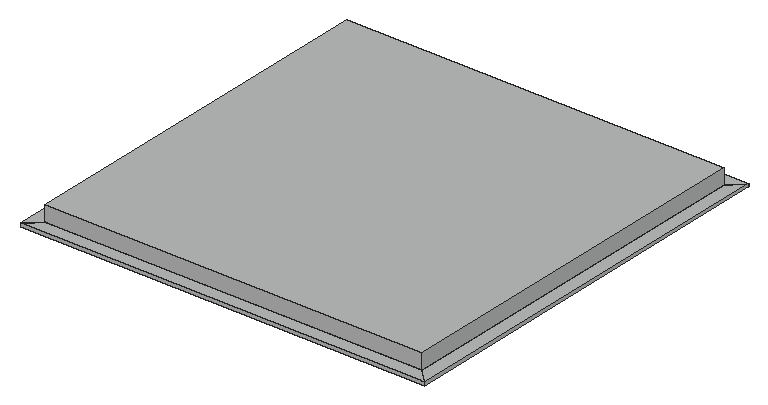
Revit family "AVRORA", category Осветительные приборы, Revit 2019 (continued)
Types (10, lengths in mm): name | built-in parameter 1150134 | Файл фотометрической сетки | built-in parameter 1150142 | built-in parameter 1150107 | Emit from Rectangle Width | Emit from Rectangle Length | Длина | Ширина | ADSK_Обозначение | ADSK_Наименование | ADSK_Код изделия
    00 1585.800 1574.700 1566.300 1562.200 1561.200 1556.500 1546.800 1529.300 1510.800 1493.800 1475.000 1454.200 1428.400 1399.400 1358.500 1312.600 1262.600 \r\n1204.900 1141.300 1075.900 1010.300 944.200 877.200 810.000 744.000 677.700 611.600 548.600 487.500 428.600 370.700 316.400 267.400 225.400 188.600 162.000 141.100 123.100 104.900 \r\n85.400 65.600 46.300 27.400 10.700 0.500 \r\n1594.100 1586.300 1574.900 1566.400 1563.100 1561.900 1557.700 1549.800 1534.600 1515.200 1496.800 1477.800 1456.200 1431.200 1403.400 1364.900 1320.300 1269.200 \r\n1210.300 1145.500 1077.400 1012.600 946.200 879.500 810.700 743.300 675.900 609.200 546.800 486.800 428.900 372.200 318.800 270.700 228.700 191.600 164.700 143.400 125.300 106.900 \r\n87.000 66.700 46.900 27.600 10.700 0.500 \r\n1595.200 1586.700 1575.200 1566.300 1563.400 1562.200 1558.800 1554.000 1539.500 1521.300 1502.000 1481.400 1459.600 1433.700 1407.600 1371.000 1328.500 1276.800 \r\n1216.900 1149.700 1079.400 1012.900 945.900 878.800 809.300 740.500 672.100 605.300 543.400 485.000 428.700 373.300 321.000 273.500 232.000 194.800 167.600 146.100 127.700 109.100 \r\n88.800 68.000 47.600 28.000 10.800 0.500 \r\n1594.800 1586.600 1576.000 1567.400 1564.200 1563.200 1560.700 1556.800 1545.600 1528.600 1509.000 1486.500 1463.600 1438.100 1411.100 1375.100 1333.900 1283.900 \r\n1223.500 1154.300 1082.000 1013.900 946.400 877.300 807.200 737.400 668.000 600.700 538.900 481.600 427.300 373.700 322.700 276.200 235.200 198.100 170.600 148.700 130.000 111.200 \r\n90.600 69.400 48.600 28.400 10.900 0.500 \r\n1594.300 1587.000 1576.700 1569.300 1564.700 1563.700 1561.800 1560.600 1551.200 1535.100 1514.800 1493.300 1467.600 1440.600 1413.900 1376.500 1336.100 1288.200 \r\n1228.500 1159.200 1085.900 1017.600 950.000 879.200 807.100 735.200 664.100 595.500 533.800 477.400 424.700 373.200 323.800 278.400 238.100 203.800 173.300 151.100 132.000 113.100 \r\n92.400 71.000 49.600 28.900 11.100 0.500 \r\n1593.000 1588.000 1577.400 1569.800 1565.700 1565.400 1562.300 1563.700 1557.100 1541.400 1521.700 1499.500 1471.000 1444.900 1415.600 1376.700 1336.200 1289.400 \r\n1232.000 1163.600 1091.700 1022.500 954.200 882.800 808.000 733.200 660.000 590.900 528.500 472.600 421.500 371.800 324.000 280.000 240.800 206.500 175.700 153.200 133.800 114.900 \r\n94.200 72.800 50.800 29.600 11.300 0.500 \r\n1594.200 1588.400 1578.600 1571.500 1566.800 1565.300 1563.400 1565.300 1560.100 1547.200 1528.300 1505.100 1474.800 1446.600 1417.500 1376.900 1335.600 1289.300 \r\n1234.200 1167.800 1096.700 1026.700 956.200 883.400 807.100 730.400 656.100 586.100 523.000 467.400 417.000 369.100 323.200 280.700 242.800 209.100 177.900 154.900 135.200 116.400 \r\n95.900 74.600 52.100 30.300 11.600 0.500 \r\n1593.500 1589.700 1579.400 1570.600 1567.900 1567.000 1564.800 1566.000 1561.300 1550.900 1533.200 1509.000 1478.200 1450.100 1419.400 1378.100 1336.100 1289.400 \r\n1235.800 1172.600 1101.100 1029.400 956.200 881.600 804.800 728.000 653.000 581.100 517.600 461.600 412.100 365.700 321.700 280.800 244.100 211.100 179.800 156.400 136.300 117.700 \r\n97.700 76.400 53.400 31.200 11.800 0.500 \r\n1593.800 1589.000 1581.000 1573.100 1569.300 1568.100 1565.600 1565.300 1561.300 1553.100 1537.200 1511.000 1481.000 1450.900 1419.300 1378.700 1338.300 1290.900 \r\n1238.600 1177.200 1105.200 1031.600 956.900 880.600 803.400 725.500 649.900 576.900 512.100 455.600 406.300 361.400 319.500 280.000 244.600 212.500 181.300 157.600 137.300 118.800 \r\n99.300 78.000 54.700 32.100 12.100 0.500 \r\n1593.600 1590.200 1582.300 1574.500 1571.500 1569.100 1565.500 1564.000 1560.100 1552.500 1537.000 1511.900 1482.000 1451.300 1417.500 1378.200 1340.100 1294.800 \r\n1242.100 1181.100 1109.100 1035.200 958.900 881.400 802.300 722.500 645.900 573.200 507.100 449.700 400.200 356.300 316.100 278.300 244.200 213.200 182.600 158.500 138.200 119.800 \r\n100.600 79.200 56.000 32.800 12.300 0.500 \r\n1593.700 1589.700 1583.400 1575.700 1572.900 1571.100 1565.700 1562.500 1557.800 1549.200 1534.900 1510.200 1481.100 1448.600 1414.600 1376.000 1341.200 1297.900 \r\n1245.400 1183.500 1112.100 1038.200 960.500 880.200 799.600 718.600 642.000 569.200 502.600 444.400 394.400 350.800 312.100 275.900 243.000 213.300 183.400 159.400 139.000 120.800 \r\n101.600 80.100 57.000 33.600 12.500 0.500 \r\n1593.500 1591.000 1585.200 1578.200 1574.600 1572.900 1566.600 1561.300 1554.200 1545.700 1531.600 1508.100 1478.900 1446.400 1410.500 1373.500 1341.200 1299.700 \r\n1247.200 1185.900 1115.100 1040.400 961.500 878.200 796.200 714.800 638.700 565.400 497.900 439.500 389.000 345.400 307.400 272.900 240.900 212.400 183.700 160.300 139.900 121.800 \r\n102.400 80.800 57.800 34.200 12.800 0.500 \r\n1593.800 1592.300 1586.700 1580.400 1577.200 1574.500 1566.400 1559.400 1550.900 1541.100 1526.500 1503.300 1474.900 1441.800 1407.400 1371.300 1340.900 1300.000 \r\n1248.100 1189.600 1118.400 1042.700 961.500 876.700 793.500 712.300 635.900 562.200 494.800 435.000 383.900 340.300 302.900 269.100 238.200 210.800 183.500 160.700 140.800 122.700 \r\n103.100 81.300 58.400 34.700 13.100 0.500 \r\n1594.800 1591.900 1588.300 1583.400 1579.500 1575.900 1566.800 1558.100 1548.200 1536.800 1520.300 1497.600 1471.200 1440.000 1406.500 1370.700 1341.000 1300.500 \r\n1250.000 1194.300 1123.900 1046.600 961.700 875.100 791.500 710.500 633.100 560.000 492.200 431.500 379.700 336.200 298.900 265.600 235.500 208.700 182.800 161.000 141.600 123.300 \r\n103.600 81.700 58.700 35.100 13.300 0.500 \r\n1594.100 1592.700 1590.000 1585.300 1582.000 1578.200 1568.100 1556.600 1545.100 1533.600 1516.200 1493.000 1468.200 1440.100 1407.300 1371.900 1341.600 1302.000 \r\n1253.900 1198.100 1128.400 1048.800 961.200 873.500 790.200 708.900 631.200 558.300 490.200 429.000 376.900 333.400 296.000 262.900 233.500 206.900 181.600 161.000 142.200 123.800 \r\n104.100 82.000 58.900 35.300 13.400 0.500 \r\n1594.500 1593.500 1591.200 1587.700 1585.100 1580.700 1569.100 1556.100 1543.400 1530.900 1511.700 1490.000 1466.600 1440.200 1410.100 1374.500 1343.400 1303.800 \r\n1257.000 1200.600 1129.800 1048.900 960.700 872.500 789.300 708.000 630.300 557.400 488.900 427.400 375.200 331.800 294.400 261.400 232.300 205.700 180.500 161.000 142.600 124.200 \r\n104.500 82.500 59.100 35.500 13.500 0.500 \r\n1594.700 1594.300 1593.400 1590.200 1588.600 1583.100 1570.800 1556.100 1542.900 1528.700 1508.000 1486.600 1466.300 1442.700 1413.700 1377.100 1344.400 1304.100 \r\n1258.100 1201.800 1130.300 1049.000 961.500 873.700 789.300 708.300 631.000 557.800 488.900 427.300 375.100 331.600 294.200 261.200 232.000 205.600 180.000 161.100 142.900 124.600 \r\n105.200 83.000 59.500 35.600 13.500 0.500 \r\n1594.900 1594.500 1594.800 1593.300 1591.200 1585.600 1573.000 1556.500 1542.500 1527.000 1505.300 1486.000 1466.300 1444.400 1416.200 1378.600 1344.700 1303.100 \r\n1257.500 1201.700 1130.300 1049.800 963.500 875.200 790.300 709.700 632.300 559.200 490.200 428.700 376.200 332.700 295.100 262.200 232.900 206.300 180.400 161.300 143.300 125.200 \r\n105.900 83.700 60.000 35.700 13.500 0.500 \r\n1594.000 1595.300 1596.200 1595.900 1594.100 1588.200 1575.800 1557.700 1542.100 1526.700 1504.600 1484.900 1466.400 1445.000 1418.300 1379.800 1344.700 1302.600 \r\n1256.500 1200.800 1130.500 1050.000 964.400 876.900 791.700 711.100 634.200 561.400 492.800 431.400 378.800 335.000 297.400 264.400 234.700 207.700 181.900 161.700 143.700 125.900 \r\n106.600 84.600 60.700 35.800 13.400 0.500 \r\n1594.900 1595.200 1598.200 1599.400 1597.400 1590.600 1577.400 1558.900 1542.800 1525.100 1502.900 1483.800 1466.000 1445.400 1418.400 1380.300 1345.000 1303.200 \r\n1255.900 1199.100 1128.300 1049.600 964.600 878.800 793.400 713.200 636.500 564.400 496.100 435.400 382.900 338.900 300.900 267.500 237.000 209.800 183.600 162.400 144.200 126.900 \r\n107.600 85.600 61.200 35.900 13.400 0.500 \r\n1594.100 1597.300 1599.600 1601.600 1599.900 1593.000 1579.200 1560.400 1543.400 1524.300 1501.700 1481.600 1464.800 1444.600 1417.600 1380.200 1345.100 1304.400 \r\n1255.500 1196.500 1125.600 1049.600 965.200 880.000 795.900 716.200 639.400 567.600 500.100 440.200 388.200 343.900 305.100 271.000 239.700 212.000 185.100 163.400 144.900 128.000 \r\n108.500 86.500 61.600 35.800 13.400 0.500 \r\n1593.600 1597.100 1602.100 1605.300 1602.300 1595.100 1580.500 1561.400 1542.700 1522.800 1500.000 1481.000 1462.900 1443.700 1416.300 1379.600 1345.300 1304.500 \r\n1254.000 1193.800 1123.400 1049.200 965.400 881.600 799.000 719.900 643.100 571.400 504.700 445.800 394.100 349.400 309.900 274.600 242.400 214.100 186.300 164.400 145.700 129.000 \r\n109.600 87.200 61.700 35.500 13.300 0.500 \r\n1593.600 1598.500 1603.800 1606.400 1605.300 1597.200 1581.200 1562.200 1541.800 1521.300 1498.700 1478.400 1462.000 1441.700 1414.700 1378.200 1343.800 1302.600 \r\n1251.200 1191.700 1121.100 1047.700 966.100 883.700 802.400 723.700 647.100 575.800 510.300 452.200 400.600 355.200 314.600 278.000 244.800 215.800 187.300 165.300 146.700 129.900 \r\n110.500 87.800 61.600 35.200 13.100 0.500 \r\n1594.200 1598.500 1605.400 1609.400 1607.600 1598.900 1581.700 1561.800 1540.800 1519.300 1497.900 1477.500 1461.400 1441.400 1413.300 1376.800 1341.200 1299.100 \r\n1247.800 1189.700 1118.800 1045.500 965.700 884.800 805.200 727.100 651.000 580.600 516.400 459.100 407.300 361.100 319.000 280.800 246.700 217.000 188.200 166.100 147.600 130.400 \r\n111.000 87.900 61.100 34.800 13.000 0.500 \r\n1595.300 1599.400 1606.800 1611.600 1610.300 1600.100 1582.200 1561.100 1538.700 1517.600 1497.800 1478.900 1461.700 1441.900 1412.300 1374.400 1338.200 1295.100 \r\n1244.000 1186.100 1116.000 1042.700 965.000 886.200 807.900 730.200 655.500 586.200 523.000 466.200 414.100 366.700 323.000 283.100 248.000 217.600 188.700 166.900 148.400 130.900 \r\n111.000 87.700 60.500 34.300 12.800 0.500 \r\n1594.400 1600.300 1608.100 1613.000 1611.900 1601.500 1582.300 1560.000 1537.900 1516.900 1498.500 1480.600 1462.900 1442.200 1411.200 1371.100 1335.100 1291.200 \r\n1239.500 1181.300 1112.700 1039.300 963.700 887.600 810.100 734.200 660.700 592.200 529.700 473.100 420.400 371.800 326.200 284.700 248.700 217.500 188.500 167.200 148.900 131.100 \r\n110.600 87.100 59.700 33.800 12.700 0.500 \r\n1595.100 1599.200 1609.400 1615.700 1614.100 1602.700 1582.600 1559.500 1537.100 1517.600 1500.700 1484.700 1465.600 1442.100 1410.200 1369.400 1332.700 1287.900 \r\n1234.700 1175.400 1108.000 1035.600 961.900 887.600 812.800 738.200 666.100 598.300 536.200 479.700 426.000 375.900 328.300 285.400 248.300 216.500 187.700 166.800 148.900 130.900 \r\n109.800 85.900 58.800 33.100 12.400 0.500 \r\n1592.900 1601.000 1611.000 1616.300 1615.600 1603.300 1582.100 1558.800 1536.100 1519.400 1505.500 1488.800 1468.500 1442.400 1410.800 1368.900 1330.700 1285.000 \r\n1230.000 1169.200 1104.100 1032.600 960.100 887.300 814.800 742.500 671.600 604.500 542.500 485.500 430.700 378.700 329.300 285.100 247.100 214.900 186.200 165.700 148.200 130.300 \r\n108.900 84.400 57.700 32.300 12.000 0.500 \r\n1593.600 1601.700 1612.200 1618.300 1616.000 1603.500 1582.200 1557.800 1536.500 1521.700 1509.100 1493.000 1471.500 1443.800 1411.300 1369.700 1330.000 1283.200 \r\n1227.000 1164.500 1099.900 1029.000 957.200 886.400 816.300 745.900 676.600 610.200 548.700 490.400 434.200 380.400 329.300 283.800 245.100 212.300 184.000 163.800 146.800 128.900 \r\n107.600 82.700 56.400 31.500 11.700 0.500 \r\n1593.200 1601.800 1613.000 1619.800 1615.900 1603.600 1581.900 1557.700 1537.900 1524.700 1513.300 1498.200 1473.400 1444.600 1412.400 1371.800 1330.800 1282.300 \r\n1225.700 1162.300 1096.000 1025.100 954.900 885.600 816.900 748.400 680.500 615.100 553.500 494.400 436.600 380.900 328.300 281.800 242.400 209.200 181.300 161.400 144.800 127.000 \r\n105.800 80.900 54.900 30.700 11.400 0.500 \r\n1593.800 1603.000 1613.700 1620.800 1616.100 1602.800 1581.900 1557.800 1539.200 1528.100 1518.000 1500.600 1475.400 1445.600 1414.400 1373.400 1331.300 1281.000 \r\n1224.700 1159.900 1091.900 1021.400 952.000 883.600 816.600 750.600 684.200 619.500 557.300 497.200 437.800 380.300 326.400 279.100 239.100 205.800 178.200 158.600 142.300 124.700 \r\n103.600 79.000 53.600 30.000 11.300 0.500 \r\n1593.500 1603.100 1614.600 1620.800 1616.100 1602.000 1580.700 1558.100 1541.000 1531.100 1520.900 1503.100 1476.300 1446.300 1414.600 1373.400 1330.500 1279.400 \r\n1223.000 1157.100 1088.400 1017.600 948.600 882.000 815.900 751.900 687.300 622.200 559.800 498.800 438.000 378.900 324.200 276.100 235.600 202.300 174.900 155.600 139.500 122.100 \r\n101.200 77.100 52.400 29.400 11.300 0.500 \r\n1594.100 1603.900 1615.800 1620.600 1615.600 1601.200 1580.200 1557.800 1543.100 1533.600 1521.800 1504.400 1476.100 1444.500 1413.600 1372.000 1328.500 1277.700 \r\n1220.100 1153.700 1084.100 1013.500 946.200 880.800 815.300 751.700 688.800 623.800 560.800 499.200 437.500 376.700 321.300 272.800 232.000 198.700 171.500 152.500 136.800 119.400 \r\n98.900 75.400 51.400 29.000 11.300 0.600 \r\n1594.200 1603.600 1616.400 1621.600 1614.700 1599.800 1579.300 1557.500 1543.900 1534.700 1522.600 1502.800 1473.400 1443.000 1412.000 1368.800 1325.100 1274.900 \r\n1216.400 1149.800 1079.900 1009.900 944.400 880.200 815.100 751.700 688.500 624.200 560.200 498.100 435.700 374.300 318.100 269.300 228.300 195.200 168.400 149.700 134.000 116.800 \r\n96.800 73.800 50.500 28.700 11.300 0.600 \r\n1593.600 1604.900 1617.600 1621.600 1613.600 1598.200 1578.500 1557.200 1544.500 1534.500 1520.400 1499.200 1471.100 1440.200 1409.400 1364.700 1320.300 1271.500 \r\n1212.400 1146.100 1077.200 1007.600 942.900 879.300 815.400 751.900 687.600 622.900 558.900 495.600 432.900 371.000 314.800 265.700 224.800 192.000 165.600 147.200 131.700 114.500 \r\n94.900 72.800 50.000 28.600 11.500 0.600 \r\n1594.100 1605.600 1617.700 1621.400 1611.900 1596.400 1576.700 1556.400 1543.600 1532.700 1517.800 1494.000 1466.100 1435.900 1404.700 1359.800 1315.400 1267.100 \r\n1208.600 1142.600 1074.400 1006.500 942.000 877.300 814.300 751.000 686.500 620.200 556.000 492.000 428.700 367.100 310.900 262.200 221.400 189.200 163.300 145.200 129.600 112.400 \r\n93.300 71.900 49.700 28.600 11.700 0.600 \r\n1593.900 1605.600 1617.400 1621.200 1610.100 1593.900 1575.200 1555.700 1541.800 1529.700 1512.900 1488.900 1461.700 1431.300 1400.400 1355.600 1311.800 1263.400 \r\n1205.400 1139.900 1072.600 1005.400 940.100 874.800 811.100 748.000 683.900 617.400 551.600 487.100 423.500 362.300 306.800 258.400 218.200 186.800 161.400 143.600 127.900 110.600 \r\n91.900 71.300 49.600 28.800 12.000 0.600 \r\n1593.800 1604.900 1618.100 1619.800 1608.500 1591.900 1573.300 1553.900 1539.700 1525.800 1507.500 1483.900 1457.700 1429.000 1397.200 1353.000 1309.900 1261.100 \r\n1203.500 1137.700 1069.500 1002.100 936.900 871.600 807.300 744.200 679.900 613.300 546.700 481.500 418.000 357.200 302.400 254.900 215.300 184.900 160.000 142.400 126.400 109.100 \r\n91.100 71.100 49.700 29.200 12.400 0.600 \r\n1593.900 1605.500 1617.800 1619.200 1606.600 1589.600 1571.300 1551.500 1536.800 1521.700 1502.600 1479.700 1454.700 1426.400 1395.000 1351.700 1309.500 1259.400 \r\n1201.400 1134.700 1065.200 997.300 932.500 868.400 803.800 739.900 674.700 607.800 541.200 475.000 411.500 351.600 297.900 251.400 212.900 183.200 159.000 141.600 125.400 108.100 \r\n90.600 71.000 49.900 29.600 12.700 0.600 \r\n1593.900 1604.500 1618.100 1617.200 1604.700 1586.800 1569.000 1549.100 1533.200 1518.000 1499.300 1476.600 1453.100 1425.100 1394.000 1351.500 1309.200 1257.900 \r\n1198.100 1130.600 1060.200 992.100 928.300 865.000 801.000 735.200 668.600 601.300 534.200 468.100 404.500 345.400 293.100 247.800 210.400 181.900 158.300 141.200 124.800 107.600 \r\n90.500 71.100 50.200 30.100 13.000 0.700 \r\n1594.100 1606.600 1618.100 1616.400 1602.300 1583.700 1566.300 1546.700 1530.900 1514.600 1497.400 1475.600 1453.200 1426.600 1394.300 1351.300 1308.300 1256.100 \r\n1194.000 1125.400 1054.900 987.400 925.000 862.800 798.300 730.700 663.000 595.000 527.000 460.600 397.300 339.200 288.100 244.300 208.200 180.900 158.000 141.200 124.700 107.800 \r\n91.000 71.700 50.900 30.600 13.400 0.700 \r\n1593.600 1605.300 1617.800 1615.100 1
